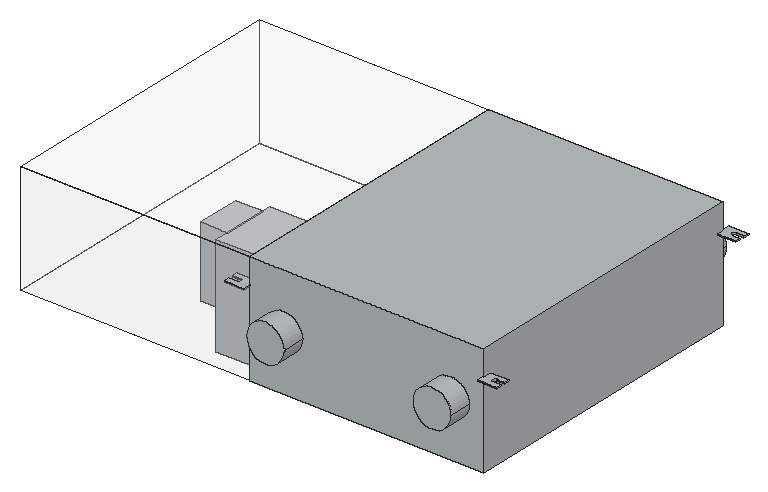
Revit family "lgh-n15_100rxw2_rxv2(d)-c_60Hz", category 機械設備, Revit 2019
Family settings
  丸型コネクタ寸法 = 直径を使用
  パーツ タイプ = 標準
  OmniClass 番号 = 23.75.10.34.21
  OmniClass タイトル = Heat Exchangers for Ventilation Air
  作業面ベース = いいえ
  常に垂直 = はい
  ロード時にボイドで切り取り = いいえ
  共有 = いいえ
  部屋計算ポイント = はい
Parameters (values of type "LGH-N15RXW2-C_100V")
  騒音レベル(dB(A)) = 31
  風量 = 150.0 m³/h
  面風速 = 5.31 m/s
  電源種別 [instance] = "一般"
  電圧 = 100 V
  電動機出力 = 0 W
  集中コントローラ = ""
  運転質量 = 0.00 kg
  連動 [instance] = ""
  質量 = if(製品質量 > 運転質量, 製品質量, 運転質量) * 1.2  # 27.60 kg
  負荷分類 = 3_ファン類
  説明 = "業務用ロスナイ 天井埋込形 DCマイコン CO2センサー付"
  設計風量 = 0.0 m³/h
  設置方法 = "天井吊(隠ぺい)形"
  記号 [instance] = ""
  製造元 = "三菱電機株式会社"
  製品質量 = 23.00 kg
  製品出荷対象 = "国内"
  製品リリース年月 = "2023/5/15"
  製品グループ = ""
  系統 [instance] = ""
  符号 = "HEU"
  積算_科目 = "1 空気調和設備"
  積算_拾い区分 [instance] = ""
  相 = 1
  盤記号 [instance] = ""
  発停方法 [instance] = ""
  特殊仕様 [instance] = ""
  点検口高さ = -Height  # -290 mm
  点検口離隔 = 150 mm
  点検口_Depth = 450 mm
  点検口 = yes
  火災停止 [instance] = ""
  温度交換効率 = 74.00%
  消費電力 = 85 W
  法定耐用年数 = "15"
  機外静圧_排気 = 210.0 Pa
  機外静圧 = 210.0 Pa
  極数 = 2
  材質 [instance] = ""
  本体マテリアル = 溶融亜鉛めっき鋼板
  操作・制御方式 = ""
  操作・制御スイッチ = ""
  排気量 = 0.0 m³/h
  形式 = "天井埋込ダクト形"
  幹線記号 [instance] = ""
  対象室 [instance] = ""
  実風量 = 0.0 m³/h
  始動方式 [instance] = "直入"
  天吊金具_径 = 13 mm
  天吊金具_幅 = 20 mm
  外気量 = 0.0 m³/h
  呼称 = "全熱交換ユニット"
  周波数 = 60 Hz
  天吊金具ピッチ2 = 780 mm
  天吊金具ピッチ1 = 670 mm
  天吊金具_高さ = 65 mm
  参照している仕様書等のバージョン = ""
  初期抵抗 = 0.0 Pa
  分類コード = "50052504100070"
  分類グループ = ""
  価格 = 581000
  企業コード = "108420"
  付属品_フィルター_還気 = ""
  付属品_フィルター = ""
  付属品 [instance] = ""
  仕様書バージョン = "Version1.0"
  モデル = "LGH-N15RXW2-C"
  メンテナンススペース = yes
  ダクト径 = 100 mm
  コメント [instance] = ""
  Keynote = ""
  エンタルピ交換効率_暖房 = 75.50%
  エンタルピ交換効率_冷房 = 64.50%
  Assembly Code = ""
  Width = 610 mm
  Version = ""
  Uniclass2015Version = "Systems v1.9"
  Uniclass2015Title = "Thermal wheels"
  Uniclass2015Code = "Pr_60_60_36_88"
  URL = "https://www.mitsubishielectric.co.jp/ldg/wink/qr/002/324426/"
  SpecificationReference = ""
  SpecificationDescription = ""
  Sensor_Width = 184 mm
  Sensor_D = 69 mm
  Sensor_Height = 183 mm
  Sensor_H = 14 mm
  Sensor_Depth = 115 mm
  SMAX風量 = 150.0 m³/h
  SMAX静圧 = 210.0 Pa
  SAサイズ_D = 97.5 mm
  Revision = ""
  RAサイズ_D = 97.5 mm
  ProductInformation = ""
  OmniClassCode = "23-27 23 19 11"
  OAダクト接続口方向_標準 = yes
  OAダクト接続口方向_変更 = not(OAダクト接続口方向_標準)  # no
  OAサイズ_W = 0 mm
  OAサイズ_D = 97.5 mm
  MIN風量 = 66.0 m³/h
  MIN静圧 = 35.0 Pa
  MID風量 = 108.0 m³/h
  MID静圧 = 93.0 Pa
  MAX風量 = 150.0 m³/h
  MAX静圧 = 180.0 Pa
  IfcTypeProduct = ""
  IfcProduct = ""
  IfcExportType = "ROTARYWHEEL"
  IfcExportAs = "IfcAirToAirHeatRecoveryType"
  Height = 290 mm
  EAダクト接続口方向_変更 = not(EAダクト接続口方向_標準)  # no
  EAダクト接続口方向_標準 = yes
  EAサイズ_W = 0 mm
  EAサイズ_D = 97.5 mm
  Duct_Pitch = 435 mm
  Duct_Height = 145 mm
  Duct_Depth = 59 mm
  DuctChange_Center = 118 mm
  Depth = 780 mm
  Clearance Top = 0 mm
  Clearance Left = 600 mm
  Clearance Bottom = 0 mm
  Box_Width = 115 mm
  Box_Height = 261 mm
  Box_H = 15 mm
  Box_Depth = 175 mm
  Box_D = 33 mm
  Author = "三菱電機株式会社"
Types (14, lengths in mm): name | 騒音レベル(dB(A)) | 風量 | 面風速 | 電圧 | 質量 | 製品質量 | 点検口高さ | 温度交換効率 | 消費電力 | 機外静圧_排気 | 機外静圧 | 極数 | 天吊金具ピッチ2 | 天吊金具ピッチ1 | 天吊金具_高さ | 価格 | モデル | ダクト径 | エンタルピ交換効率_暖房 | エンタルピ交換効率_冷房 | Width | URL | Sensor_D | Sensor_H | SMAX風量 | SMAX静圧 | SAサイズ_D | RAサイズ_D | OAサイズ_D | MIN風量 | MIN静圧 | MID風量 | MID静圧 | MAX風量 | MAX静圧 | Height | EAサイズ_D | Duct_Pitch | Duct_Height | Duct_Depth | DuctChange_Center | Depth | Box_H | Box_D
  LGH-N15RXW2-C_100V | 31 | 150.0 m³/h | 5.31 m/s | 100 V | 27.60 kg | 23.00 kg | -290 | 74.00% | 85 W | 210.0 Pa | 210.0 Pa | 2 | 780 | 670 | 65 | 581000 | "LGH-N15RXW2-C" | 100 | 75.50% | 64.50% | 610 | "https://www.mitsubishielectric.co.jp/ldg/wink/qr/002/324426/" | 69 | 14 | 150.0 m³/h | 210.0 Pa | 97.5 | 97.5 | 97.5 | 66.0 m³/h | 35.0 Pa | 108.0 m³/h | 93.0 Pa | 150.0 m³/h | 180.0 Pa | 290 | 97.5 | 435 | 145 | 59 | 118 | 780 | 15 | 33
  LGH-N15RXW2-C_200V | 31 | 150.0 m³/h | 5.31 m/s | 200 V | 27.60 kg | 23.00 kg | -290 | 74.00% | 85 W | 210.0 Pa | 210.0 Pa | 3 | 780 | 670 | 65 | 581000 | "LGH-N15RXW2-C" | 100 | 75.50% | 64.50% | 610 | "https://www.mitsubishielectric.co.jp/ldg/wink/qr/002/324426/" | 69 | 14 | 150.0 m³/h | 210.0 Pa | 97.5 | 97.5 | 97.5 | 66.0 m³/h | 35.0 Pa | 108.0 m³/h | 93.0 Pa | 150.0 m³/h | 180.0 Pa | 290 | 97.5 | 435 | 145 | 59 | 118 | 780 | 15 | 33
  LGH-N25RXW2-C_100V | 30 | 250.0 m³/h | 3.93 m/s | 100 V | 28.80 kg | 24.00 kg | -290 | 70.00% | 110 W | 170.0 Pa | 170.0 Pa | 2 | 780 | 795 | 65 | 613000 | "LGH-N25RXW2-C" | 150 | 73.00% | 63.00% | 735 | "https://www.mitsubishielectric.co.jp/ldg/wink/qr/002/324428/" | 69 | 14 | 250.0 m³/h | 170.0 Pa | 142 | 142 | 142 | 110.0 m³/h | 28.0 Pa | 180.0 m³/h | 75.0 Pa | 250.0 m³/h | 145.0 Pa | 290 | 142 | 520 | 145 | 69 | 118 | 780 | 15 | 33
  LGH-N25RXW2-C_200V | 30 | 250.0 m³/h | 3.93 m/s | 200 V | 28.80 kg | 24.00 kg | -290 | 70.00% | 110 W | 170.0 Pa | 170.0 Pa | 3 | 780 | 795 | 65 | 613000 | "LGH-N25RXW2-C" | 150 | 73.00% | 63.00% | 735 | "https://www.mitsubishielectric.co.jp/ldg/wink/qr/002/324428/" | 69 | 14 | 250.0 m³/h | 170.0 Pa | 142 | 142 | 142 | 110.0 m³/h | 28.0 Pa | 180.0 m³/h | 75.0 Pa | 250.0 m³/h | 145.0 Pa | 290 | 142 | 520 | 145 | 69 | 118 | 780 | 15 | 33
  LGH-N35RXW2-C_100V | 33 | 350.0 m³/h | 5.5 m/s | 100 V | 39.60 kg | 33.00 kg | -330 | 71.50% | 210 W | 300.0 Pa | 300.0 Pa | 2 | 890 | 935 | 70 | 653000 | "LGH-N35RXW2-C" | 150 | 74.50% | 65.50% | 875 | "https://www.mitsubishielectric.co.jp/ldg/wink/qr/002/324429/" | 104 | 22 | 350.0 m³/h | 300.0 Pa | 142 | 142 | 142 | 154.0 m³/h | 36.0 Pa | 252.0 m³/h | 96.0 Pa | 350.0 m³/h | 185.0 Pa | 330 | 142 | 600 | 165 | 69 | 140 | 890 | 23 | 68
  LGH-N35RXW2-C_200V | 33 | 350.0 m³/h | 5.5 m/s | 200 V | 39.60 kg | 33.00 kg | -330 | 71.50% | 210 W | 300.0 Pa | 300.0 Pa | 3 | 890 | 935 | 70 | 653000 | "LGH-N35RXW2-C" | 150 | 74.50% | 65.50% | 875 | "https://www.mitsubishielectric.co.jp/ldg/wink/qr/002/324429/" | 104 | 22 | 350.0 m³/h | 300.0 Pa | 142 | 142 | 142 | 154.0 m³/h | 36.0 Pa | 252.0 m³/h | 96.0 Pa | 350.0 m³/h | 185.0 Pa | 330 | 142 | 600 | 165 | 69 | 140 | 890 | 23 | 68
  LGH-N50RXW2-C_100V | 37 | 500.0 m³/h | 4.42 m/s | 100 V | 44.40 kg | 37.00 kg | -330 | 71.00% | 315 W | 310.0 Pa | 310.0 Pa | 2 | 890 | 1080 | 70 | 733000 | "LGH-N50RXW2-C" | 200 | 73.00% | 63.00% | 1020 | "https://www.mitsubishielectric.co.jp/ldg/wink/qr/002/324430/" | 104 | 22 | 500.0 m³/h | 310.0 Pa | 192 | 192 | 192 | 220.0 m³/h | 37.0 Pa | 360.0 m³/h | 98.0 Pa | 500.0 m³/h | 190.0 Pa | 330 | 192 | 700 | 165 | 84 | 130 | 890 | 23 | 68
  LGH-N50RXW2-C_200V | 37 | 500.0 m³/h | 4.42 m/s | 200 V | 44.40 kg | 37.00 kg | -330 | 71.00% | 315 W | 310.0 Pa | 310.0 Pa | 3 | 890 | 1080 | 70 | 733000 | "LGH-N50RXW2-C" | 200 | 73.00% | 63.00% | 1020 | "https://www.mitsubishielectric.co.jp/ldg/wink/qr/002/324430/" | 104 | 22 | 500.0 m³/h | 310.0 Pa | 192 | 192 | 192 | 220.0 m³/h | 37.0 Pa | 360.0 m³/h | 98.0 Pa | 500.0 m³/h | 190.0 Pa | 330 | 192 | 700 | 165 | 84 | 130 | 890 | 23 | 68
  LGH-N65RXW2-C_100V | 40 | 650.0 m³/h | 5.75 m/s | 100 V | 51.60 kg | 43.00 kg | -404 | 71.50% | 445 W | 320.0 Pa | 320.0 Pa | 2 | 984 | 952 | 76 | 809000 | "LGH-N65RXW2-C" | 200 | 72.00% | 63.00% | 892 | "https://www.mitsubishielectric.co.jp/ldg/wink/qr/002/324431/" | 107 | 56 | 650.0 m³/h | 320.0 Pa | 192 | 192 | 192 | 286.0 m³/h | 45.0 Pa | 468.0 m³/h | 119.0 Pa | 650.0 m³/h | 230.0 Pa | 404 | 192 | 620 | 202 | 84 | 122 | 984 | 57 | 71
  LGH-N65RXW2-C_200V | 40 | 650.0 m³/h | 5.75 m/s | 200 V | 51.60 kg | 43.00 kg | -404 | 71.50% | 445 W | 320.0 Pa | 320.0 Pa | 3 | 984 | 952 | 76 | 809000 | "LGH-N65RXW2-C" | 200 | 72.00% | 63.00% | 892 | "https://www.mitsubishielectric.co.jp/ldg/wink/qr/002/324431/" | 107 | 56 | 650.0 m³/h | 320.0 Pa | 192 | 192 | 192 | 286.0 m³/h | 45.0 Pa | 468.0 m³/h | 119.0 Pa | 650.0 m³/h | 230.0 Pa | 404 | 192 | 620 | 202 | 84 | 122 | 984 | 57 | 71
  LGH-N80RXV2-C | 40 | 800.0 m³/h | 4.53 m/s | 100 V | 63.60 kg | 53.00 kg | -404 | 73.00% | 540 W | 310.0 Pa | 310.0 Pa | 2 | 1144 | 1064 | 76 | 921000 | "LGH-N80RXV2-C" | 250 | 75.00% | 65.00% | 1004 | "https://www.mitsubishielectric.co.jp/ldg/wink/qr/002/324432/" | 182 | 87 | 800.0 m³/h | 310.0 Pa | 242 | 242 | 242 | 352.0 m³/h | 37.0 Pa | 576.0 m³/h | 98.0 Pa | 800.0 m³/h | 190.0 Pa | 404 | 242 | 690 | 202 | 84 | 165 | 1144 | 88 | 146
  LGH-N80RXV2D-C | 40 | 800.0 m³/h | 4.53 m/s | 200 V | 63.60 kg | 53.00 kg | -404 | 73.00% | 540 W | 310.0 Pa | 310.0 Pa | 3 | 1144 | 1064 | 76 | 921000 | "LGH-N80RXV2D-C" | 250 | 75.00% | 65.00% | 1004 | "https://www.mitsubishielectric.co.jp/ldg/wink/qr/002/324433/" | 182 | 87 | 800.0 m³/h | 310.0 Pa | 242 | 242 | 242 | 352.0 m³/h | 37.0 Pa | 576.0 m³/h | 98.0 Pa | 800.0 m³/h | 190.0 Pa | 404 | 242 | 690 | 202 | 84 | 165 | 1144 | 88 | 146
  LGH-N100RXV2-C | 38 | 1000.0 m³/h | 5.66 m/s | 100 V | 69.60 kg | 58.00 kg | -404 | 73.00% | 580 W | 225.0 Pa | 225.0 Pa | 2 | 1144 | 1291 | 76 | 1020000 | "LGH-N100RXV2-C" | 250 | 75.00% | 65.00% | 1231 | "https://www.mitsubishielectric.co.jp/ldg/wink/qr/002/324423/" | 182 | 87 | 1000.0 m³/h | 225.0 Pa | 242 | 242 | 242 | 440.0 m³/h | 32.0 Pa | 720.0 m³/h | 86.0 Pa | 1000.0 m³/h | 165.0 Pa | 404 | 242 | 917 | 202 | 84 | 165 | 1144 | 88 | 146
  LGH-N100RXV2D-C | 38 | 1000.0 m³/h | 5.66 m/s | 200 V | 69.60 kg | 58.00 kg | -404 | 73.00% | 580 W | 225.0 Pa | 225.0 Pa | 3 | 1144 | 1291 | 76 | 1020000 | "LGH-N100RXV2D-C" | 250 | 75.00% | 65.00% | 1231 | "https://www.mitsubishielectric.co.jp/ldg/wink/qr/002/324424/" | 182 | 87 | 1000.0 m³/h | 225.0 Pa | 242 | 242 | 242 | 440.0 m³/h | 32.0 Pa | 720.0 m³/h | 86.0 Pa | 1000.0 m³/h | 165.0 Pa | 404 | 242 | 917 | 202 | 84 | 165 | 1144 | 88 | 146
Reference planes
  plane 1 "中心(正面/背面)": y = 0
  plane 2: z = 0
  plane 3 "中心(左/右)": x = 0
  plane 4: x = -305
  plane 5: x = 305
  plane 6: y = 390
  plane 7: y = -390
  plane 8: z = -290
  plane 9: z = -145
  plane 10: x = -217.5
  plane 11: x = 217.5
  plane 12: y = -449
  plane 13: y = 449
  plane 14: y = 272
  plane 15: x = -364
  plane 16: x = 364
  plane 17: x = -905
  plane 18: y = -357
  plane 19: y = -182
  plane 20: z = -15
  plane 21: z = -276
  plane 22: x = -420
  plane 23: x = -455
  plane 24: y = 225
  plane 25: x = -335
  plane 26: x = 335
  plane 27: y = 390
  plane 28: y = -390
  plane 29: y = -225
  plane 30: x = -355
  plane 31: y = 410
  plane 32: y = 370
  plane 33: y = -370
  plane 34: y = -410
  plane 35: z = -5
  plane 36: z = -65
  plane 37: z = -68
  plane 38: x = 355
  plane 39: y = -321
  plane 40: y = -206
  plane 41: z = -14
  plane 42: z = -197
  plane 43: x = -489
  plane 44: z = -290
  plane 45: z = 0
Forms (mm)
  Extrusion 1, solid, material "溶融亜鉛めっき鋼板" <- "本体マテリアル", detail levels fine
    sketch origin (0, 0, 0) x (1, 0, 0) y (0, 1, 0)
      loop
        line (-305, 390) -> (-305, -390) -> (305, -390) -> (305, 390) -> (-305, 390)
    from 0 to -290
  Extrusion 2, solid, material "溶融亜鉛めっき鋼板" <- "本体マテリアル", detail levels fine
    sketch origin (510, -445, 0) x (-1, 0, 0) y (0, 0, -1)
      loop
        circle (292.5, 145) r 48.75
    from -55 to 4
  Extrusion 3, solid, material "溶融亜鉛めっき鋼板" <- "本体マテリアル", detail levels fine
    sketch origin (-305, -390, 0) x (0, 1, 0) y (0, 0, -1)
      loop
        line (208, 15) -> (208, 276) -> (33, 276) -> (33, 15) -> (208, 15)
    from 0 to 115
  Extrusion 4, solid, material "溶融亜鉛めっき鋼板" <- "本体マテリアル", detail levels fine
    sketch origin (0, 0, 0) x (1, 0, 0) y (0, 1, 0)
      loop
        line (-355, 410) -> (-355, 396.5) -> (-335, 396.5)
        arc (-335, 396.5) -> (-328.5, 390) -> (-335, 383.5) r 6.5
        line (-335, 383.5) -> (-355, 383.5) -> (-355, 370) -> (-305, 370) -> (-305, 410) -> (-355, 410)
    from -65 to -68
  Extrusion 5, solid, material "溶融亜鉛めっき鋼板" <- "本体マテリアル", detail levels fine
    sketch origin (0, 0, 0) x (1, 0, 0) y (0, 1, 0)
      loop
        line (-355, -410) -> (-305, -410) -> (-305, -370) -> (-355, -370) -> (-355, -383.5) -> (-335, -383.5)
        arc (-335, -383.5) -> (-328.5, -390) -> (-335, -396.5) r 6.5
        line (-335, -396.5) -> (-355, -396.5) -> (-355, -410)
    from -65 to -68
  Extrusion 6, solid, material "溶融亜鉛めっき鋼板" <- "本体マテリアル", detail levels fine
    sketch origin (0, 0, 0) x (-1, 0, 0) y (0, -1, 0)
      loop
        line (-355, 410) -> (-355, 396.5) -> (-335, 396.5)
        arc (-335, 396.5) -> (-328.5, 390) -> (-335, 383.5) r 6.5
        line (-335, 383.5) -> (-355, 383.5) -> (-355, 370) -> (-305, 370) -> (-305, 410) -> (-355, 410)
    from -65 to -68
  Extrusion 7, solid, material "溶融亜鉛めっき鋼板" <- "本体マテリアル", detail levels fine
    sketch origin (0, 0, 0) x (-1, 0, 0) y (0, -1, 0)
      loop
        line (-355, -410) -> (-305, -410) -> (-305, -370) -> (-355, -370) -> (-355, -383.5) -> (-335, -383.5)
        arc (-335, -383.5) -> (-328.5, -390) -> (-335, -396.5) r 6.5
        line (-335, -396.5) -> (-355, -396.5) -> (-355, -410)
    from -65 to -68
  Extrusion 8, solid, material "溶融亜鉛めっき鋼板" <- "本体マテリアル", visible <- "EAダクト接続口方向_標準", detail levels fine
    sketch origin (510, 445, 0) x (-1, 0, 0) y (0, 0, 1)
      loop
        circle (292.5, -145) r 48.75
    from -55 to 4
  Extrusion 9, solid, material "溶融亜鉛めっき鋼板" <- "本体マテリアル", visible <- "OAダクト接続口方向_標準", detail levels fine
    sketch origin (-510, 445, 0) x (1, 0, 0) y (0, 0, -1)
      loop
        circle (292.5, 145) r 48.75
    from -55 to 4
  Extrusion 10, solid, material "溶融亜鉛めっき鋼板" <- "本体マテリアル", detail levels fine
    sketch origin (-510, -445, 0) x (1, 0, 0) y (0, 0, 1)
      loop
        circle (292.5, -145) r 48.75
    from -55 to 4
  Extrusion 11, solid, material "溶融亜鉛めっき鋼板" <- "本体マテリアル", visible <- "EAダクト接続口方向_変更", detail levels fine
    sketch origin (0, 0, 0) x (0, 1, 0) y (0, 0, 1)
      loop
        circle (272, -145) r 48.75
    from 305 to 364
  Extrusion 12, solid, material "溶融亜鉛めっき鋼板" <- "本体マテリアル", visible <- "OAダクト接続口方向_変更", detail levels fine
    sketch origin (0, 0, 0) x (0, 1, 0) y (0, 0, -1)
      loop
        circle (272, 145) r 48.75
    from 305 to 364
  Extrusion 13, solid, material "溶融亜鉛めっき鋼板" <- "本体マテリアル", detail levels fine
    sketch origin (0, 0, 0) x (0, 1, 0) y (0, 0, 1)
      loop
        line (-206, -14) -> (-321, -14) -> (-321, -197) -> (-206, -197) -> (-206, -14)
    from -489 to -420
Lines and regions (mm)
  Masking region 1, detail levels coarse+medium
    outline origin (1326.5, 29, 0) x (1, 0, 0) y (0, 1, 0)
      loop
        line (-1631.5, 361) -> (-1631.5, -419) -> (-1021.5, -419) -> (-1021.5, 361) -> (-1631.5, 361)
  symbolic lines, detail levels coarse+medium
    curve 1: line (0, 390, 0) -> (-305, 0, 0)
    curve 2: line (-305, 0, 0) -> (0, -390, 0)
    curve 3: line (0, -390, 0) -> (305, 0, 0)
    curve 4: line (305, 0, 0) -> (0, 390, 0)
Dimensions and locks
  equal spacing: plane 4, plane 3 "中心(左/右)", plane 5
  "Width": plane 4 to plane 5
  equal spacing: plane 6, plane 1 "中心(正面/背面)", plane 7
  "Depth": plane 6 to plane 7
  "Height": level to plane 8
  "Duct_Height": level to plane 9
  equal spacing: plane 11, plane 3 "中心(左/右)", plane 10
  "Duct_Pitch": plane 11 to plane 10
  "Duct_Depth": plane 13 to plane 6
  "Duct_Depth": plane 7 to plane 12
  "DuctChange_Center": plane 6 to plane 14
  "Duct_Depth": plane 5 to plane 16
  "Duct_Depth": plane 15 to plane 4
  "Clearance Left": plane 17 to plane 4
  "Box_H": level to plane 20
  "Box_Height": plane 20 to plane 21
  "Box_D": plane 18 to plane 7
  "Box_Depth": plane 19 to plane 18
  "Box_Width": plane 22 to plane 4
  "点検口離隔": plane 23 to plane 4
  equal spacing: plane 25, plane 3 "中心(左/右)", plane 26
  "天吊金具ピッチ1": plane 25 to plane 26
  equal spacing: plane 27, plane 1 "中心(正面/背面)", plane 28
  "天吊金具ピッチ2": plane 27 to plane 28
  equal spacing: plane 24, plane 1 "中心(正面/背面)", plane 29
  "点検口_Depth": plane 24 to plane 29
  equal spacing: plane 31, plane 27, plane 32
  locked: plane 31 to plane 32 at 40
  "天吊金具_幅": plane 30 to plane 25
  "天吊金具_高さ": level to plane 36
  locked: plane 36 to plane 37 at 3
  equal spacing: plane 33, plane 28, plane 34
  locked: plane 33 to plane 34 at 40
  "天吊金具_幅": plane 26 to plane 38
  "Sensor_D": plane 39 to plane 28
  "Sensor_Depth": plane 40 to plane 39
  "Sensor_H": level to plane 41
  "Sensor_Height": plane 41 to plane 42
  "Sensor_Width": plane 43 to plane 4
  "Clearance Top": plane 45 to level
  "Clearance Bottom": plane 8 to plane 44
  "RAサイズ_D": diameter of Extrusion 2 sketch curve
  "EAサイズ_D": diameter of Extrusion 8 sketch curve
  "OAサイズ_D": diameter of Extrusion 9 sketch curve
  "SAサイズ_D": diameter of Extrusion 10 sketch curve
  "EAサイズ_D": diameter of Extrusion 11 sketch curve
  "EAサイズ_D": diameter of Extrusion 12 sketch curve
  "天吊金具_径": diameter of Extrusion 5 sketch curve
  "天吊金具_径": diameter of Extrusion 4 sketch curve
  "天吊金具_径": diameter of Extrusion 7 sketch curve
  "天吊金具_径": diameter of Extrusion 6 sketch curve
  aligned and locked: level to plane 2
  aligned and locked: Extrusion 1 to plane 8
  aligned and locked: plane 7 to Extrusion 2
  aligned and locked: Extrusion 2 to plane 12
  aligned and locked: plane 17 to nested 1
  aligned and locked: plane 4 to nested 1
  aligned and locked: nested 1 to plane 6
  aligned and locked: nested 1 to plane 7
  aligned and locked: Extrusion 3 to plane 22
  aligned and locked: plane 4 to Extrusion 3
  aligned and locked: Masking region 1 to plane 4
  aligned and locked: plane 5 to Masking region 1
  aligned and locked: plane 6 to Masking region 1
  aligned and locked: Masking region 1 to plane 7
  aligned and locked: plane 26 to nested 2
  aligned and locked: plane 25 to nested 2
  aligned and locked: nested 2 to plane 28
  aligned and locked: plane 27 to nested 2
  aligned and locked: Extrusion 3 to plane 19
  aligned and locked: Extrusion 3 to plane 21
  aligned and locked: plane 20 to Extrusion 3
  aligned and locked: plane 18 to Extrusion 3
  aligned and locked: plane 23 to nested 3
  aligned and locked: plane 17 to nested 3
  aligned and locked: plane 24 to nested 3
  aligned and locked: nested 3 to plane 29
  aligned and locked: plane 4 to Extrusion 4
  aligned and locked: Extrusion 4 to plane 30  (x2)
  aligned and locked: plane 31 to Extrusion 4
  aligned and locked: Extrusion 4 to plane 36
  aligned and locked: Extrusion 4 to plane 37
  aligned and locked: plane 4 to Extrusion 5
  aligned and locked: plane 33 to Extrusion 5
  aligned and locked: Extrusion 5 to plane 34
  aligned and locked: Extrusion 5 to plane 30  (x2)
  aligned and locked: Extrusion 5 to Extrusion 4  (x2)
  aligned and locked: Extrusion 7 to plane 38  (x2)
  aligned and locked: Extrusion 7 to plane 32
  aligned and locked: plane 31 to Extrusion 7
  aligned and locked: Extrusion 6 to plane 38
  aligned and locked: Extrusion 6 to plane 34
  aligned and locked: Extrusion 6 to plane 5
  aligned and locked: plane 33 to Extrusion 6
  aligned and locked: Extrusion 6 to plane 37
  aligned and locked: plane 36 to Extrusion 6
  aligned and locked: Extrusion 7 to plane 37
  aligned and locked: plane 36 to Extrusion 7
  aligned and locked: plane 13 to Extrusion 8
  aligned and locked: Extrusion 8 to plane 6
  aligned and locked: plane 13 to Extrusion 9
  aligned and locked: Extrusion 9 to plane 6
  aligned and locked: Extrusion 10 to plane 12
  aligned and locked: plane 7 to Extrusion 10
  aligned and locked: plane 16 to Extrusion 11
  aligned and locked: Extrusion 11 to plane 5
  aligned and locked: plane 4 to Extrusion 12
  aligned and locked: Extrusion 12 to plane 15
  aligned and locked: plane 41 to Extrusion 13 sketch curve
  aligned and locked: Extrusion 13 sketch curve to plane 40
  aligned and locked: Extrusion 13 sketch curve to plane 42
  aligned and locked: plane 39 to Extrusion 13 sketch curve
  aligned and locked: Extrusion 13 to plane 43
  aligned and locked: Extrusion 13 to Extrusion 3
  aligned and locked: plane 44 to nested 1
  aligned and locked: plane 45 to nested 1
Automatic sketch dimensions
  plane 1 "中心(正面/背面)" to curve 1 = 0 mm
  curve 1 to plane 4 = 0 mm
  curve 2 to plane 3 "中心(左/右)" = 0 mm
  curve 4 to plane 3 "中心(左/右)" = 0 mm
  plane 1 "中心(正面/背面)" to curve 4 = 0 mm
  curve 4 to plane 5 = 0 mm
  curve 2 to plane 7 = 0 mm
  curve 4 to plane 6 = 0 mm
  Extrusion 1 sketch curve to plane 4 = 0 mm
  Extrusion 1 sketch curve to plane 5 = 0 mm
  Extrusion 1 sketch curve to plane 7 = 0 mm
  Extrusion 1 sketch curve to plane 6 = 0 mm
  Extrusion 2 sketch curve to plane 9 = 0 mm
  Extrusion 2 sketch curve to plane 11 = 0 mm
  Extrusion 3 sketch curve to Extrusion 1 = 33 mm
  Extrusion 1 to Extrusion 3 sketch curve = 14 mm
  Extrusion 3 sketch curve to Extrusion 3 sketch curve = 175 mm
  Extrusion 1 to Extrusion 3 sketch curve = 15 mm
  Masking region 1 sketch curve to plane 4 = 0 mm
  Masking region 1 sketch curve to plane 5 = 0 mm
  Masking region 1 sketch curve to plane 7 = 0 mm
  Masking region 1 sketch curve to plane 6 = 0 mm
  Extrusion 8 sketch curve to plane 9 = 0 mm
  Extrusion 8 sketch curve to plane 11 = 0 mm
  Extrusion 9 sketch curve to plane 9 = 0 mm
  Extrusion 9 sketch curve to plane 10 = 0 mm
  Extrusion 10 sketch curve to plane 9 = 0 mm
  Extrusion 10 sketch curve to plane 10 = 0 mm
  Extrusion 11 sketch curve to plane 9 = 0 mm
  Extrusion 11 sketch curve to plane 14 = 0 mm
  Extrusion 12 sketch curve to plane 9 = 0 mm
  Extrusion 12 sketch curve to plane 14 = 0 mm
  Extrusion 4 sketch curve to plane 30 = 0 mm  (x2)
  Extrusion 4 sketch curve to plane 25 = 0 mm
  Extrusion 4 sketch curve to plane 4 = 0 mm
  Extrusion 4 sketch curve to plane 32 = 0 mm
  Extrusion 4 sketch curve to plane 6 = 0 mm
  Extrusion 4 sketch curve to plane 31 = 0 mm
  Extrusion 5 sketch curve to plane 30 = 0 mm  (x2)
  Extrusion 5 sketch curve to plane 25 = 0 mm
  Extrusion 5 sketch curve to plane 4 = 0 mm
  Extrusion 5 sketch curve to plane 33 = 0 mm
  Extrusion 5 sketch curve to plane 7 = 0 mm
  Extrusion 5 sketch curve to plane 34 = 0 mm
  Extrusion 6 sketch curve to plane 34 = 0 mm
  Extrusion 6 sketch curve to plane 38 = 0 mm  (x2)
  Extrusion 6 sketch curve to plane 26 = 0 mm
  Extrusion 6 sketch curve to plane 5 = 0 mm
  Extrusion 6 sketch curve to plane 33 = 0 mm
  Extrusion 6 sketch curve to plane 7 = 0 mm
  Extrusion 7 sketch curve to plane 31 = 0 mm
  Extrusion 7 sketch curve to plane 38 = 0 mm  (x2)
  Extrusion 7 sketch curve to plane 26 = 0 mm
  Extrusion 7 sketch curve to plane 5 = 0 mm
  Extrusion 7 sketch curve to plane 32 = 0 mm
  Extrusion 7 sketch curve to plane 6 = 0 mm
Nested families
  nested 1: "メンテナンススペース" at (-605, 0, -145), visible <- "メンテナンススペース", type "メンテナンススペース"
    with Width 600 mm, Height 290 mm, Depth 780 mm
  nested 2: "固定点" at (-335, -390, 0), type "固定点"
    with W 670 mm, D 780 mm
  nested 3: "点検口設置範囲" at (-680, 0, -290), built-in parameter 1001364 <- "点検口高さ", visible <- "点検口", type "点検口設置範囲"
    with Width 450 mm, Depth 450 mm
Connectors
  hvac at (217.5, -449, -145), driven by "ダクト径", driven by "機外静圧", driven by "風量"
    settings: on Extrusion 2, index 2, duct flow 150.0 m³/h, flow factor 0, pres drop 210.0 Pa, loss coef 0, conn angle 0.00°, conn width 304.8 mm, conn height 304.8 mm, conn diameter 100 mm, duct sys type 2, conn prof type 0, flow config 0, flow direction 1, loss method 4, conn ref index -1, conn util no, is conn primary yes, conn desc ""
  electrical at (-362.5, -357, -145.5), driven by "負荷分類", driven by "相", driven by "電圧", driven by "消費電力"
    settings: on Extrusion 3, index 7, voltage 100 V, apparent load 85 VA, apparent load phase1 0 VA, apparent load phase2 0 VA, apparent load phase3 0 VA, power factor 1, load classification "3_ファン類", number of poles 1, system type 30, power factor state 1, is connector primary yes, connector utility no, sub classification motor no, connector description ""
  hvac at (217.5, 449, -145), driven by "ダクト径", driven by "排気量", driven by "機外静圧_排気"
    settings: on Extrusion 8, index 8, duct flow 0.0 m³/h, flow factor 0, pres drop 210.0 Pa, loss coef 0, conn angle 0.00°, conn width 304.8 mm, conn height 304.8 mm, conn diameter 100 mm, duct sys type 3, conn prof type 0, flow config 0, flow direction 2, loss method 4, conn ref index -1, conn util no, is conn primary no, conn desc ""
  hvac at (-217.5, 449, -145), driven by "ダクト径", driven by "外気量", driven by "機外静圧"
    settings: on Extrusion 9, index 9, duct flow 0.0 m³/h, flow factor 0, pres drop 210.0 Pa, loss coef 0, conn angle 0.00°, conn width 304.8 mm, conn height 304.8 mm, conn diameter 100 mm, duct sys type 4, conn prof type 0, flow config 0, flow direction 1, loss method 4, conn ref index -1, conn util no, is conn primary no, conn desc ""
  hvac at (-217.5, -449, -145), driven by "ダクト径", driven by "風量", driven by "機外静圧"
    settings: on Extrusion 10, index 10, duct flow 150.0 m³/h, flow factor 0, pres drop 210.0 Pa, loss coef 0, conn angle 0.00°, conn width 304.8 mm, conn height 304.8 mm, conn diameter 100 mm, duct sys type 1, conn prof type 0, flow config 0, flow direction 2, loss method 4, conn ref index -1, conn util no, is conn primary no, conn desc ""
  hvac at (364, 272, -145), driven by "ダクト径", driven by "機外静圧_排気", driven by "排気量"
    settings: on Extrusion 11, index 11, duct flow 0.0 m³/h, flow factor 0, pres drop 210.0 Pa, loss coef 0, conn angle 0.00°, conn width 304.8 mm, conn height 304.8 mm, conn diameter 100 mm, duct sys type 3, conn prof type 0, flow config 0, flow direction 2, loss method 4, conn ref index -1, conn util no, is conn primary no, conn desc ""
  hvac at (-364, 272, -145), driven by "ダクト径", driven by "機外静圧", driven by "外気量"
    settings: on Extrusion 12, index 12, duct flow 0.0 m³/h, flow factor 0, pres drop 210.0 Pa, loss coef 0, conn angle 0.00°, conn width 304.8 mm, conn height 304.8 mm, conn diameter 100 mm, duct sys type 4, conn prof type 0, flow config 0, flow direction 1, loss method 4, conn ref index -1, conn util no, is conn primary no, conn desc ""
Definition of nested family "メンテナンススペース"
  Parameters (values of type "メンテナンススペース")
    Width [instance] = 500 mm
    Height [instance] = 500 mm
    Depth [instance] = 500 mm
  Reference planes
    plane 1 "中心(正面/背面)": y = 0
    plane 2: z = 0
    plane 3 "中心(左/右)": x = 0
    plane 4: y = -250
    plane 5: x = 250
    plane 6: y = 250
    plane 7: x = -250
    plane 8: z = 250
    plane 9: z = -250
  Forms (mm)
    Extrusion 1, solid
      sketch origin (-638.939, 0, 72.39) x (1, 0, 0) y (0, 1, 0)
        loop
          line (388.939, 250) -> (388.939, -250) -> (888.939, -250) -> (888.939, 250) -> (388.939, 250)
      from -322.39 to 177.61
  Lines and regions (mm)
    symbolic lines
      curve 1: line (-250, 0, 250) -> (250, 0, 250)
      curve 2: line (-250, 0, -250) -> (-250, 0, 250)
      curve 3: line (250, 0, -250) -> (-250, 0, -250)
      curve 4: line (250, 0, 250) -> (250, 0, -250)
      curve 5: line (0, -250, 250) -> (0, 250, 250)
      curve 6: line (0, -250, -250) -> (0, -250, 250)
      curve 7: line (0, 250, -250) -> (0, -250, -250)
      curve 8: line (0, 250, 250) -> (0, 250, -250)
      curve 9: line (-250, 250, 0) -> (250, 250, 0)
      curve 10: line (-250, -250, 0) -> (-250, 250, 0)
      curve 11: line (250, -250, 0) -> (-250, -250, 0)
      curve 12: line (250, 250, 0) -> (250, -250, 0)
  Dimensions and locks
    equal spacing: plane 7, plane 3 "中心(左/右)", plane 5
    equal spacing: plane 4, plane 1 "中心(正面/背面)", plane 6
    "Depth": plane 4 to plane 6
    "Width": plane 7 to plane 5
    equal spacing: plane 8, plane 2, plane 9
    "Height": plane 8 to plane 9
    aligned and locked: plane 9 to curve 3
    aligned and locked: plane 7 to curve 2
    aligned and locked: curve 4 to plane 5
    aligned and locked: plane 5 to Extrusion 1
    aligned and locked: Extrusion 1 to plane 7
    aligned and locked: Extrusion 1 to plane 9
    aligned and locked: plane 8 to Extrusion 1
    aligned and locked: plane 9 to curve 7
  Automatic sketch dimensions
    plane 4 to Extrusion 1 sketch curve = 0 mm
    Extrusion 1 sketch curve to plane 7 = 0 mm
    Extrusion 1 sketch curve to plane 5 = 0 mm
    plane 6 to Extrusion 1 sketch curve = 0 mm
    curve 2 to plane 8 = 0 mm
    plane 4 to curve 11 = 0 mm
    curve 11 to plane 7 = 0 mm
    curve 11 to plane 5 = 0 mm
    plane 6 to curve 10 = 0 mm
    curve 7 to plane 4 = 0 mm
    curve 7 to plane 6 = 0 mm
    curve 6 to plane 8 = 0 mm
Definition of nested family "固定点"
  Parameters (values of type "固定点")
    中心円 = 20 mm
    W [instance] = 1000 mm
    D [instance] = 1000 mm
  Reference planes
    plane 1 "中心(正面/背面)": y = 0
    plane 2: z = 0
    plane 3 "中心(左/右)": x = 0
    plane 4: x = 1000
    plane 5: y = 1000
  Lines and regions (mm)
    symbolic lines, detail levels fine
      curve 1: circle (0, 1000, 0) r 10 normal (0, 0, 1)
      curve 2: circle (0, 0, 0) r 10 normal (0, 0, 1)
      curve 3: circle (1000, 1000, 0) r 10 normal (0, 0, 1)
      curve 4: circle (1000, 0, 0) r 10 normal (0, 0, 1)
      curve 5: line (-200, 1000, 0) -> (1200, 1000, 0)
      curve 6: line (-200, 0, 0) -> (1200, 0, 0)
      curve 7: line (0, 1200, 0) -> (0, -200, 0)
      curve 8: line (1000, 1200, 0) -> (1000, -200, 0)
  Dimensions and locks
    "W": plane 3 "中心(左/右)" to plane 4
    "D": plane 1 "中心(正面/背面)" to plane 5
    "中心円": diameter of curve 1
    "中心円": diameter of curve 2
    "中心円": diameter of curve 3
    "中心円": diameter of curve 4
    aligned and locked: level to plane 2
    aligned and locked: plane 5 to curve 1
    aligned and locked: plane 3 "中心(左/右)" to curve 1
    aligned and locked: plane 3 "中心(左/右)" to curve 2
    aligned and locked: plane 1 "中心(正面/背面)" to curve 2
    aligned and locked: plane 4 to curve 3
    aligned and locked: plane 5 to curve 3
    aligned and locked: plane 1 "中心(正面/背面)" to curve 4
    aligned and locked: plane 4 to curve 4
    aligned and locked: plane 1 "中心(正面/背面)" to curve 6
    aligned and locked: curve 7 to plane 3 "中心(左/右)"
    aligned and locked: curve 8 to plane 4
  Automatic sketch dimensions
    curve 5 to plane 5 = 0 mm
    curve 6 to plane 3 "中心(左/右)" = 200 mm
    curve 5 to plane 3 "中心(左/右)" = 200 mm
    curve 4 to curve 6 = 200 mm
    curve 3 to curve 5 = 200 mm
    plane 1 "中心(正面/背面)" to curve 8 = 200 mm
    plane 1 "中心(正面/背面)" to curve 7 = 200 mm
    curve 3 to curve 8 = 200 mm
    curve 1 to curve 7 = 200 mm
Definition of nested family "点検口設置範囲"
  Parameters (values of type "点検口設置範囲")
    Width [instance] = 1000 mm
    Depth [instance] = 700 mm
  Reference planes
    plane 1 "中心(正面/背面)": y = 0
    plane 2: z = 0
    plane 3 "中心(左/右)": x = 0
    plane 4: x = -500
    plane 5: x = 500
    plane 6: y = -350
    plane 7: y = 350
  Lines and regions (mm)
    model lines
      curve 1: line (-500, 350, 0) -> (500, 350, 0)
      curve 2: line (-500, -350, 0) -> (-500, 350, 0)
      curve 3: line (500, -350, 0) -> (-500, -350, 0)
      curve 4: line (500, 350, 0) -> (500, -350, 0)
  Dimensions and locks
    "Depth": plane 7 to plane 6
    "Width": plane 4 to plane 5
    equal spacing: plane 7, plane 1 "中心(正面/背面)", plane 6
    equal spacing: plane 4, plane 3 "中心(左/右)", plane 5
    aligned and locked: level to plane 2
    aligned and locked: plane 4 to curve 2
    aligned and locked: curve 1 to plane 7
    aligned and locked: curve 4 to plane 5
    aligned and locked: plane 6 to curve 3
